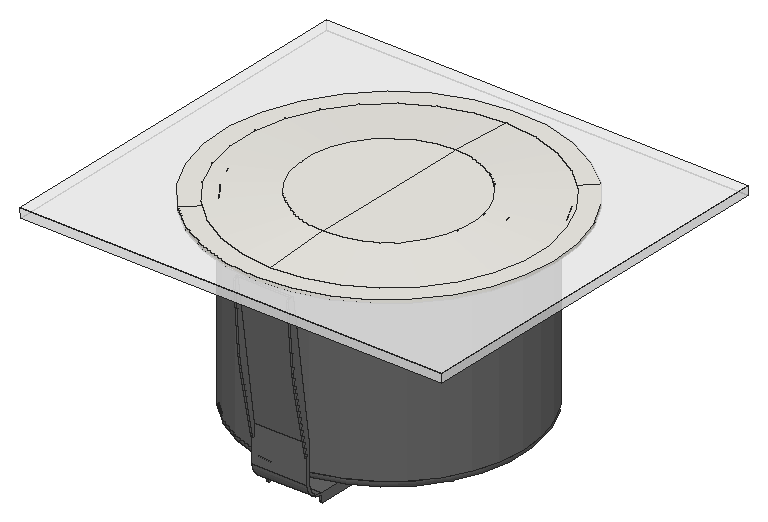
Revit family "PC-1860BS", category Communication Devices, host Face, Revit 2016
Family settings
  Host = Face
  Maintain Annotation Orientation = No
  Part Type = Normal
  Round Connector Dimension = Use Diameter
  OmniClass Number = 23.85.10.11.14
  OmniClass Title = Audio Equipment
  Cut with Voids When Loaded = Yes
  Shared = No
  Room Calculation Point = No
Parameters (values of type "PC-1860F")
  r1 = Diameter / 2.5  # 72 mm
  Weight = "1 kg (2.2 lb)"
  URL = "http://toa.com.sg"
  Steel - Black = Steel - Black finish
  Speaker Mounting Method = "Spring catch"
  Speaker Component = "12 cm (5\") cone-type"
  Sensitivity = "95 dB (1 W, 1 m) (500 Hz - 5 kHz, pink noise)"
  Rated Input = "6 W (100 V Line), 3 W (70 V Line)"
  Rated Impedance = "100 V line: 1.7 kΩ(6 W), 3.3 kΩ (3 W), 6.7 kΩ (1.5 W), 13 kΩ (0.8 W)\r\n70 V line: 1.7 kΩ(3 W), 3.3 kΩ (1.5 W), 6.7 kΩ (0.8 W), 13 kΩ (0.4 W)"
  Radius = Diameter / 2  # 90 mm
  Operating Temperature = "-10 °C to +50 °C (14 °F to 122 °F)"
  Model Type = "Ceiling Mount Fire Dome Speaker"
  Model By = "BIMLIFE PTE LTD"  # constant formula
  Model = "PC-1860F"
  Mesh = Mesh
  Maximum Sound Pressure Level = "-"
  Manufacturer = "TOA Electronics Pte Ltd"  # constant formula
  Supplier Tel = "+65 6835 9119"  # constant formula
  Supplier Fax = "+65 6835 9559"  # constant formula
  Supplier Address = "491B River Valley Road, #19-03/04 Valley Point Office Tower, Singapore 248373"  # constant formula
  Supplier = "TOA Electronics Pte Ltd"  # constant formula
  Suppiler Email = "http://toa.com.sg"  # constant formula
  Material = OFF-WHITE
  Frequency Response = "170Hz – 20 kHz (peak - 20dB)"
  Finish = "Frame: Steel plate, white (RAL 9016 equivalent), paint\r\nGrille: Steel net, white (RAL 9016 equivalent), paint\r\nFire dome: Steel plate, black, paint"
  Environmental Type = "-"
  Dimensions for fixing Hole = "Mounting hole: ø156 ±3 mm (6.14\" ± 0.12\")\r\nCeiling thickness: 5 - 25 mm (0.2''- 0.98\")"
  Dimension = "ø180 x 5 (exposed section) + 100 (D) mm (7.09\" x 0.2\" + 3.94\")"
  Diameter = 180 mm
  Default Elevation = 0 mm
  DC Blocking Capacitor = "-"
  Coverage Angle = "-"
  Copyright To = "TOA Electronics Pte Ltd"  # constant formula
  Connection = "Push wire connection (Bridging terminal - 2 branch type)"
  Applicable Cable = "Solid wire: 0.5 - 3 mm² (AWG 20 - 12)"
  Accessory = "Rubber grommet ...2, Paper Pattern ...1"
Types (3, lengths in mm): name | Weight | Sensitivity | Rated Impedance | Model | Maximum Sound Pressure Level | Finish | Environmental Type | Dimensions for fixing Hole | Dimension | DC Blocking Capacitor | Coverage Angle | Connection | Applicable Cable
  PC-1860BS | "1.1kg (2.43 lb)" | "95 dB (1 W, 1 m), (500Hz – 5kHz, pink noise) 93 dB (1 W, 1 m), (100Hz – 10kHz, pink noise) 81 dB (1 W, 4 m), (100Hz – 10kHz, pink noise)" | "100 V line: 1.7 kΩ (6 W), 3.3 kΩ (3 W) 6.7 kΩ (1.5 W), 13 kΩ (0.8 W), 70 V line: 1.7 kΩ (3 W), 3.3 kΩ (1.5 W) 6.7 kΩ (0.8 W),13 kΩ (0.4 W)" | "PC-1860BS" | "100 dB (6 W, 1m) (100Hz - 10 kHz, pink noise) 88 dB (6 W, 4 m) (100 Hz - 10 kHz, pink noise)" | "Frame: Steel plate, white (RAL 9016 or equivalent color), paint Grille: Steel net, white (RAL 9016 or equivalent color), paint Fire dome: Steel plate, black, paint" | "A (indoor application)" | "Mounting hole: ø156±3 mm (6.14''±0.12'') Ceiling thickness: 5 - 25mm (0.2'' - 0.98'')" | "ø180 x 5 (exposed section) + 100 (D) mm\r\n (ø7.09\" x 0.2\" + 3.94\")" | "-" | "Horizontal and Vertical: 165' (500 Hz), 175' ( 1 kHz), 165' (2 kHz), 70' (4 kHz) according to EN 54-24" | "2-Steatite connector (3 pole)" | "Solid wire: 0.8 – 6 mm² (AWG 18 – 10)"
  PC-1860BS-C | "1.1kg (2.43 lb)" | "94 dB (1 W, 1 m) (500 Hz - 5 kHz, pink noise)\r\n92 dB (1 W, 1 m) (100 Hz - 10 kHz, pink noise)\r\n80 dB (1 W, 4 m) (100 Hz - 10 kHz, pink noise)" | "100 V line: 1.7 kΩ (6 W), 3.3 kΩ (3 W) 6.7 kΩ (1.5 W), 13 kΩ (0.8 W), 70 V line: 1.7 kΩ (3 W), 3.3 kΩ (1.5 W) 6.7 kΩ (0.8 W),13 kΩ (0.4 W)" | "PC-1860BS-C" | "99 dB (6 W, 1 m) (100 Hz - 10 kHz, pink noise)\r\n87 dB (6 W, 4 m) (100 Hz - 10 kHz, pink noise)" | "Frame: Steel plate, white (RAL 9016 or equivalent color), paint Grille: Steel net, white (RAL 9016 or equivalent color), paint Fire dome: Steel plate, black, paint" | "A (indoor application)" | "Mounting hole: ø156±3 mm (6.14''±0.12'') Ceiling thickness: 5 - 25mm (0.2'' - 0.98'')" | "ø180 x 5 (exposed section) + 100 (D) mm\r\n (ø7.09\" x 0.2\" + 3.94\")" | "1.0 μF" | "Horizontal and Vertical: 165' (500 Hz), 175' ( 1 kHz), 165' (2 kHz), 70' (4 kHz) according to EN 54-24" | "2-Steatite connector (3 pole)" | "Solid wire: 0.8 – 6 mm² (AWG 18 – 10)"
  PC-1860F | "1 kg (2.2 lb)" | "95 dB (1 W, 1 m) (500 Hz - 5 kHz, pink noise)" | "100 V line: 1.7 kΩ(6 W), 3.3 kΩ (3 W), 6.7 kΩ (1.5 W), 13 kΩ (0.8 W)\r\n70 V line: 1.7 kΩ(3 W), 3.3 kΩ (1.5 W), 6.7 kΩ (0.8 W), 13 kΩ (0.4 W)" | "PC-1860F" | "-" | "Frame: Steel plate, white (RAL 9016 equivalent), paint\r\nGrille: Steel net, white (RAL 9016 equivalent), paint\r\nFire dome: Steel plate, black, paint" | "-" | "Mounting hole: ø156 ±3 mm (6.14\" ± 0.12\")\r\nCeiling thickness: 5 - 25 mm (0.2''- 0.98\")" | "ø180 x 5 (exposed section) + 100 (D) mm (7.09\" x 0.2\" + 3.94\")" | "-" | "-" | "Push wire connection (Bridging terminal - 2 branch type)" | "Solid wire: 0.5 - 3 mm² (AWG 20 - 12)"
Reference planes
  plane 1 "Center (Front/Back)": y = 0
  plane 2: z = 0
  plane 3 "Center (Left/Right)": x = 0
  plane 4: z = -109
  plane 5: z = -100
Forms (mm)
  Extrusion 1, solid, material "Surface"
    sketch origin (1.238, -13.929, 0) x (1, 0, 0) y (0, 1, 0)
      loop
        line (-118.152, 118.085) -> (-118.152, -89.567) -> (110.005, -89.567) -> (110.005, 118.085) -> (-118.152, 118.085)
    from 0 to -5
  Extrusion 2, solid, material "OFF-WHITE" <- "Material"
    sketch origin (-37.074, 0.305, -12.693) x (0.707107, -0.707107, 0) y (0.707107, 0.707107, 0)
      loop
        circle (26.431, 26) r 47
      loop
        arc (34.462, 80.411) -> (32.322, 81.544) -> (31.131, 83.653) r 4.31
        spline (31.131, 83.653) -> (30.933, 84.382) -> (30.688, 85.076) -> (30.399, 85.728) -> (30.07, 86.331) -> (29.702, 86.879) -> (29.3, 87.365) -> (28.869, 87.786) -> (28.412, 88.136) -> (27.935, 88.413) -> (27.443, 88.612) -> (26.939, 88.733) -> (26.431, 88.773)
        spline (26.431, 88.773) -> (25.922, 88.733) -> (25.419, 88.612) -> (24.926, 88.413) -> (24.449, 88.136) -> (23.993, 87.786) -> (23.561, 87.365) -> (23.16, 86.879) -> (22.792, 86.331) -> (22.462, 85.728) -> (22.173, 85.076) -> (21.929, 84.382) -> (21.731, 83.653)
        arc (21.731, 83.653) -> (20.54, 81.544) -> (18.4, 80.411) r 4.31
        arc (18.4, 80.411) -> (-12.46, 64.891) -> (-27.98, 34.031) r 55
        arc (-27.98, 34.031) -> (-29.113, 31.891) -> (-31.222, 30.7) r 4.31
        spline (-31.222, 30.7) -> (-31.951, 30.502) -> (-32.645, 30.257) -> (-33.297, 29.969) -> (-33.9, 29.639) -> (-34.448, 29.271) -> (-34.935, 28.87) -> (-35.355, 28.438) -> (-35.706, 27.982) -> (-35.982, 27.504) -> (-36.181, 27.012) -> (-36.302, 26.509) -> (-36.342, 26)
        spline (-36.342, 26) -> (-36.302, 25.491) -> (-36.181, 24.988) -> (-35.982, 24.496) -> (-35.706, 24.018) -> (-35.355, 23.562) -> (-34.935, 23.13) -> (-34.448, 22.729) -> (-33.9, 22.361) -> (-33.297, 22.031) -> (-32.645, 21.743) -> (-31.951, 21.498) -> (-31.222, 21.3)
        arc (-31.222, 21.3) -> (-29.113, 20.109) -> (-27.98, 17.969) r 4.31
        arc (-27.98, 17.969) -> (-12.46, -12.891) -> (18.4, -28.411) r 55
        arc (18.4, -28.411) -> (20.54, -29.544) -> (21.731, -31.653) r 4.31
        spline (21.731, -31.653) -> (21.929, -32.382) -> (22.173, -33.076) -> (22.462, -33.728) -> (22.792, -34.331) -> (23.16, -34.879) -> (23.561, -35.365) -> (23.993, -35.786) -> (24.449, -36.136) -> (24.926, -36.413) -> (25.419, -36.612) -> (25.922, -36.733) -> (26.431, -36.773)
        spline (26.431, -36.773) -> (26.939, -36.733) -> (27.443, -36.612) -> (27.935, -36.413) -> (28.412, -36.136) -> (28.869, -35.786) -> (29.3, -35.365) -> (29.702, -34.879) -> (30.07, -34.331) -> (30.399, -33.728) -> (30.688, -33.076) -> (30.933, -32.382) -> (31.131, -31.653)
        arc (31.131, -31.653) -> (32.322, -29.544) -> (34.462, -28.411) r 4.31
        arc (34.462, -28.411) -> (65.322, -12.891) -> (80.841, 17.969) r 55
        arc (80.841, 17.969) -> (81.975, 20.109) -> (84.083, 21.3) r 4.31
        spline (84.083, 21.3) -> (84.813, 21.498) -> (85.507, 21.743) -> (86.159, 22.031) -> (86.762, 22.361) -> (87.31, 22.729) -> (87.796, 23.13) -> (88.217, 23.562) -> (88.567, 24.018) -> (88.844, 24.496) -> (89.043, 24.988) -> (89.164, 25.491) -> (89.204, 26)
        spline (89.204, 26) -> (89.164, 26.509) -> (89.043, 27.012) -> (88.844, 27.504) -> (88.567, 27.982) -> (88.217, 28.438) -> (87.796, 28.87) -> (87.31, 29.271) -> (86.762, 29.639) -> (86.159, 29.969) -> (85.507, 30.257) -> (84.813, 30.502) -> (84.083, 30.7)
        arc (84.083, 30.7) -> (81.975, 31.891) -> (80.841, 34.031) r 4.31
        arc (80.841, 34.031) -> (65.322, 64.891) -> (34.462, 80.411) r 55
    from 4 to 2
  Extrusion 3, solid, not visible
    sketch origin (43, 0, 0) x (0, -1, 0) y (0, 0, 1)
      loop
        line (-11, -15.693) -> (-11, -25.693) -> (12, -25.693) -> (12, -15.693) -> (-11, -15.693)
      loop
        circle (5.25, -20.693) r 2.5
      loop
        circle (0.5, -23.193) r 1.5
      loop
        circle (10, -23.193) r 1.5
      loop
        circle (0.5, -18.193) r 1.5
      loop
        circle (10, -18.193) r 1.5
      loop
        circle (-4.25, -20.693) r 2.5
      loop
        circle (-9, -23.193) r 1.5
      loop
        circle (-9, -18.193) r 1.5
    from -6 to -8.973
  Extrusion 4, solid, not visible
    sketch origin (43, 0, 0) x (0, -1, 0) y (0, 0, 1)
      loop
        line (-11, -15.693) -> (-11, -25.693) -> (12, -25.693) -> (12, -15.693) -> (-11, -15.693)
    from 0 to -6
  Revolve 5, solid, material "Steel - Black finish" <- "Steel - Black"
    sketch origin (0, 0, 0) x (0, 1, 0) y (0, 0, 1)
      loop
        line (73, 0) -> (78, 0) -> (78, 0.803) -> (72.207, 0.803) -> (72.2, -96)
        arc (72.2, -96) -> (71.312, -98.212) -> (69.141, -99.197) r 3.2
        line (69.141, -99.197) -> (0, -99.197) -> (0, -100) -> (69, -100)
        arc (69, -100) -> (71.828, -98.828) -> (73, -96) r 4
        line (73, -96) -> (73, 0)
      axis (0, 0.803) -> (0, -100)
    angle from 0 to 360
  Extrusion 6, solid, material "Steel - Black finish" <- "Steel - Black"
    sketch origin (0, 0, 0) x (0, 1, 0) y (0, 0, 1)
      loop
        arc (64.2, -110) -> (70.771, -107.538) -> (74.106, -101.365) r 10
        line (74.106, -101.365) -> (74.106, -80.755) -> (85.12, -5) -> (84.11, -5) -> (73.106, -80.683) -> (73.106, -101.295)
        arc (73.106, -101.295) -> (70.088, -106.806) -> (64.2, -109) r 9
        line (64.2, -109) -> (0, -109) -> (-64.2, -109)
        arc (-64.2, -109) -> (-70.088, -106.806) -> (-73.106, -101.295) r 9
        line (-73.106, -101.295) -> (-73.106, -80.683) -> (-84.11, -5) -> (-85.12, -5) -> (-74.106, -80.755) -> (-74.106, -101.365)
        arc (-74.106, -101.365) -> (-70.771, -107.538) -> (-64.2, -110) r 10
        line (-64.2, -110) -> (0, -110) -> (64.2, -110)
    from -15 to 15
  Revolve 7, solid, material "Steel - Black finish" <- "Steel - Black"
    sketch origin (0, 0, 8.197) x (0, 1, 0) y (0, 0, 1)
      loop
        line (0, -123) -> (0, -98) -> (-1, -98) -> (-1, -123) -> (0, -123)
      axis (0, -98) -> (0, -123)
    angle from 0 to 360
  Extrusion 8, solid, material "Steel - Black finish" <- "Steel - Black"
    sketch origin (0, 69.484, -111) x (0, 1, 0) y (-1, 0, 0)
      loop
        line (-67.424, -1.189) -> (-67.424, 1.189) -> (-69.484, 2.378) -> (-71.544, 1.189) -> (-71.544, -1.189) -> (-69.484, -2.378) -> (-67.424, -1.189)
    from 0 to 1
  Extrusion 9, solid, material "Steel - Black finish" <- "Steel - Black"
    sketch origin (0, 69.484, -101) x (0, 1, 0) y (-1, 0, 0)
      loop
        line (-67.424, -1.189) -> (-67.424, 1.189) -> (-69.484, 2.378) -> (-71.544, 1.189) -> (-71.544, -1.189) -> (-69.484, -2.378) -> (-67.424, -1.189)
    from 0 to 1
  Extrusion 10, solid, material "Steel - Black finish" <- "Steel - Black"
    sketch origin (0, 0, 11) x (0, 1, 0) y (0, 0, 1)
      loop
        arc (63.2, -125) -> (63.907, -124.707) -> (64.2, -124) r 1
        line (64.2, -124) -> (64.2, -121) -> (-64.2, -121) -> (-64.2, -124)
        arc (-64.2, -124) -> (-63.907, -124.707) -> (-63.2, -125) r 1
        line (-63.2, -125) -> (63.2, -125)
    from 14 to 15
  Extrusion 11, solid, material "Steel - Black finish" <- "Steel - Black"
    sketch origin (0, -166.892, 12.189) x (0, -1, 0) y (0, 0, -1)
      loop
        arc (-81.103, 18.176) -> (-80.63, 18.447) -> (-80.473, 18.969) r 0.739
        line (-80.473, 18.969) -> (-83.548, 55.505)
        arc (-83.548, 55.505) -> (-84.008, 59.523) -> (-84.711, 63.505) r 66.945
        line (-84.711, 63.505) -> (-92.163, 99.387)
        arc (-92.163, 99.387) -> (-92.471, 99.853) -> (-93.014, 99.982) r 0.758
        line (-93.014, 99.982) -> (-93.793, 99.869) -> (-81.899, 18.06) -> (-81.103, 18.176)
    from 14 to 15
  Extrusion 12, solid, material "Steel - Black finish" <- "Steel - Black"
    sketch origin (0, 0, 11) x (0, 1, 0) y (0, 0, -1)
      loop
        line (63.2, 125) -> (-63.2, 125)
        arc (-63.2, 125) -> (-63.907, 124.707) -> (-64.2, 124) r 1
        line (-64.2, 124) -> (-64.2, 121) -> (64.2, 121) -> (64.2, 124)
        arc (64.2, 124) -> (63.907, 124.707) -> (63.2, 125) r 1
    from 14 to 15
  Extrusion 13, solid, material "Steel - Black finish" <- "Steel - Black"
    sketch origin (0, -166.892, 12.189) x (0, -1, 0) y (0, 0, 1)
      loop
        line (-81.103, -18.176) -> (-81.899, -18.06) -> (-93.793, -99.869) -> (-93.014, -99.982)
        arc (-93.014, -99.982) -> (-92.471, -99.853) -> (-92.163, -99.387) r 0.758
        line (-92.163, -99.387) -> (-84.711, -63.505)
        arc (-84.711, -63.505) -> (-84.008, -59.523) -> (-83.548, -55.505) r 66.945
        line (-83.548, -55.505) -> (-80.473, -18.969)
        arc (-80.473, -18.969) -> (-80.63, -18.447) -> (-81.103, -18.176) r 0.739
    from 14 to 15
  Revolve 14, solid, material "OFF-WHITE" <- "Material"
    sketch origin (0, 0, 0) x (0.707107, 0.707107, 0) y (0, 0, 1)
      loop
        line (0, 1.8) -> (-90, 1.8) -> (-90, 0) -> (-53, 0)
        spline (-53, 0) -> (-50.088, -4.89) -> (-47.461, -8.624) -> (-45.056, -11.448) -> (-42.812, -13.607) -> (-40.666, -15.344) -> (-38.58, -16.857) -> (-36.56, -18.257) -> (-34.614, -19.652) -> (-32.753, -21.147) -> (-31.052, -22.924) -> (-29.725, -25.322) -> (-29, -28.696)
        line (-29, -28.696) -> (-29, -30.693) -> (0, -30.693) -> (0, 1.8)
      axis (0, 1.8) -> (0, -30.693)
    angle from 0 to 360
  Revolve 15, solid, material "Mesh" <- "Mesh"
    sketch origin (0, 0, 0) x (0, 1, 0) y (0, 0, 1)
      loop
        line (0, 1.8) -> (0, 4.2) -> (-45, 4.2)
        arc (-45, 4.2) -> (-62.541, 3.599) -> (-80, 1.8) r 256.408
        line (-80, 1.8) -> (0, 1.8)
      axis (0, 4.2) -> (0, 1.8)
    angle from 0 to 360
  Extrusion 16, solid, material "OFF-WHITE" <- "Material"
    sketch origin (-37.074, 0.305, -12.693) x (0.707107, -0.707107, 0) y (0.707107, 0.707107, 0)
      loop
        circle (26.431, 26) r 47
      loop
        arc (34.462, 80.411) -> (32.322, 81.544) -> (31.131, 83.653) r 4.31
        spline (31.131, 83.653) -> (30.933, 84.382) -> (30.688, 85.076) -> (30.399, 85.728) -> (30.07, 86.331) -> (29.702, 86.879) -> (29.3, 87.365) -> (28.869, 87.786) -> (28.412, 88.136) -> (27.935, 88.413) -> (27.443, 88.612) -> (26.939, 88.733) -> (26.431, 88.773)
        spline (26.431, 88.773) -> (25.922, 88.733) -> (25.419, 88.612) -> (24.926, 88.413) -> (24.449, 88.136) -> (23.993, 87.786) -> (23.561, 87.365) -> (23.16, 86.879) -> (22.792, 86.331) -> (22.462, 85.728) -> (22.173, 85.076) -> (21.929, 84.382) -> (21.731, 83.653)
        arc (21.731, 83.653) -> (20.54, 81.544) -> (18.4, 80.411) r 4.31
        arc (18.4, 80.411) -> (-12.46, 64.891) -> (-27.98, 34.031) r 55
        arc (-27.98, 34.031) -> (-29.113, 31.891) -> (-31.222, 30.7) r 4.31
        spline (-31.222, 30.7) -> (-31.951, 30.502) -> (-32.645, 30.257) -> (-33.297, 29.969) -> (-33.9, 29.639) -> (-34.448, 29.271) -> (-34.935, 28.87) -> (-35.355, 28.438) -> (-35.706, 27.982) -> (-35.982, 27.504) -> (-36.181, 27.012) -> (-36.302, 26.509) -> (-36.342, 26)
        spline (-36.342, 26) -> (-36.302, 25.491) -> (-36.181, 24.988) -> (-35.982, 24.496) -> (-35.706, 24.018) -> (-35.355, 23.562) -> (-34.935, 23.13) -> (-34.448, 22.729) -> (-33.9, 22.361) -> (-33.297, 22.031) -> (-32.645, 21.743) -> (-31.951, 21.498) -> (-31.222, 21.3)
        arc (-31.222, 21.3) -> (-29.113, 20.109) -> (-27.98, 17.969) r 4.31
        arc (-27.98, 17.969) -> (-12.46, -12.891) -> (18.4, -28.411) r 55
        arc (18.4, -28.411) -> (20.54, -29.544) -> (21.731, -31.653) r 4.31
        spline (21.731, -31.653) -> (21.929, -32.382) -> (22.173, -33.076) -> (22.462, -33.728) -> (22.792, -34.331) -> (23.16, -34.879) -> (23.561, -35.365) -> (23.993, -35.786) -> (24.449, -36.136) -> (24.926, -36.413) -> (25.419, -36.612) -> (25.922, -36.733) -> (26.431, -36.773)
        spline (26.431, -36.773) -> (26.939, -36.733) -> (27.443, -36.612) -> (27.935, -36.413) -> (28.412, -36.136) -> (28.869, -35.786) -> (29.3, -35.365) -> (29.702, -34.879) -> (30.07, -34.331) -> (30.399, -33.728) -> (30.688, -33.076) -> (30.933, -32.382) -> (31.131, -31.653)
        arc (31.131, -31.653) -> (32.322, -29.544) -> (34.462, -28.411) r 4.31
        arc (34.462, -28.411) -> (65.322, -12.891) -> (80.841, 17.969) r 55
        arc (80.841, 17.969) -> (81.975, 20.109) -> (84.083, 21.3) r 4.31
        spline (84.083, 21.3) -> (84.813, 21.498) -> (85.507, 21.743) -> (86.159, 22.031) -> (86.762, 22.361) -> (87.31, 22.729) -> (87.796, 23.13) -> (88.217, 23.562) -> (88.567, 24.018) -> (88.844, 24.496) -> (89.043, 24.988) -> (89.164, 25.491) -> (89.204, 26)
        spline (89.204, 26) -> (89.164, 26.509) -> (89.043, 27.012) -> (88.844, 27.504) -> (88.567, 27.982) -> (88.217, 28.438) -> (87.796, 28.87) -> (87.31, 29.271) -> (86.762, 29.639) -> (86.159, 29.969) -> (85.507, 30.257) -> (84.813, 30.502) -> (84.083, 30.7)
        arc (84.083, 30.7) -> (81.975, 31.891) -> (80.841, 34.031) r 4.31
        arc (80.841, 34.031) -> (65.322, 64.891) -> (34.462, 80.411) r 55
    from 4 to 2
  Revolve 17, solid, material "OFF-WHITE" <- "Material"
    sketch origin (0, 0, 0) x (0.707107, 0.707107, 0) y (0, 0, 1)
      loop
        line (0, -40) -> (0, -39) -> (-29, -39) -> (-29, -28.696)
        spline (-29, -28.696) -> (-29.725, -25.322) -> (-31.052, -22.924) -> (-32.753, -21.147) -> (-34.614, -19.652) -> (-36.56, -18.257) -> (-38.58, -16.857) -> (-40.666, -15.344) -> (-42.812, -13.607) -> (-45.056, -11.448) -> (-47.461, -8.624) -> (-50.088, -4.89) -> (-53, 0)
        line (-53, 0) -> (-55, 0)
        spline (-55, 0) -> (-52.064, -4.067) -> (-49.419, -7.466) -> (-46.984, -10.303) -> (-44.681, -12.685) -> (-42.432, -14.717) -> (-40.157, -16.506) -> (-37.781, -18.159) -> (-35.371, -19.796) -> (-33.153, -21.552) -> (-31.361, -23.562) -> (-30.232, -25.964) -> (-30, -28.892)
        line (-30, -28.892) -> (-30, -29.892) -> (-31.463, -29.892) -> (-31.463, -39) -> (-30, -39) -> (-30, -40) -> (0, -40)
      axis (0, 0) -> (0, -40)
    angle from 0 to 360
  Extrusion 18, void
    sketch origin (0, 0, 0) x (0, -1, 0) y (1, 0, 0)
      loop
        arc (10.175, -33.488) -> (0, -35) -> (-10.175, -33.488) r 35
        arc (-10.175, -33.488) -> (-11.651, -33.613) -> (-12.636, -34.718) r 2
        line (-12.636, -34.718) -> (-15.718, -43.185)
        arc (-15.718, -43.185) -> (-15.632, -44.753) -> (-14.44, -45.776) r 2
        arc (-14.44, -45.776) -> (0, -48) -> (14.44, -45.776) r 48
        arc (14.44, -45.776) -> (15.632, -44.753) -> (15.718, -43.185) r 2
        line (15.718, -43.185) -> (12.636, -34.718)
        arc (12.636, -34.718) -> (11.651, -33.613) -> (10.175, -33.488) r 2
      loop
        arc (10.175, 33.488) -> (11.651, 33.613) -> (12.636, 34.718) r 2
        line (12.636, 34.718) -> (15.718, 43.185)
        arc (15.718, 43.185) -> (15.632, 44.753) -> (14.44, 45.776) r 2
        arc (14.44, 45.776) -> (0, 48) -> (-14.44, 45.776) r 48
        arc (-14.44, 45.776) -> (-15.632, 44.753) -> (-15.718, 43.185) r 2
        line (-15.718, 43.185) -> (-12.636, 34.718)
        arc (-12.636, 34.718) -> (-11.651, 33.613) -> (-10.175, 33.488) r 2
        arc (-10.175, 33.488) -> (0, 35) -> (10.175, 33.488) r 35
    from -28.491 to -5.706
  Extrusion 19, void
    sketch origin (0, 0, 0) x (-1, 0, 0) y (0, -1, 0)
      loop
        arc (10.175, -33.488) -> (0, -35) -> (-10.175, -33.488) r 35
        arc (-10.175, -33.488) -> (-11.651, -33.613) -> (-12.636, -34.718) r 2
        line (-12.636, -34.718) -> (-15.718, -43.185)
        arc (-15.718, -43.185) -> (-15.632, -44.753) -> (-14.44, -45.776) r 2
        arc (-14.44, -45.776) -> (0, -48) -> (14.44, -45.776) r 48
        arc (14.44, -45.776) -> (15.632, -44.753) -> (15.718, -43.185) r 2
        line (15.718, -43.185) -> (12.636, -34.718)
        arc (12.636, -34.718) -> (11.651, -33.613) -> (10.175, -33.488) r 2
    from -28.491 to -5.706
  Extrusion 20, void
    sketch origin (0, 0, 0) x (-1, 0, 0) y (0, -1, 0)
      loop
        arc (10.175, 33.488) -> (11.651, 33.613) -> (12.636, 34.718) r 2
        line (12.636, 34.718) -> (15.718, 43.185)
        arc (15.718, 43.185) -> (15.632, 44.753) -> (14.44, 45.776) r 2
        arc (14.44, 45.776) -> (0, 48) -> (-14.44, 45.776) r 48
        arc (-14.44, 45.776) -> (-15.632, 44.753) -> (-15.718, 43.185) r 2
        line (-15.718, 43.185) -> (-12.636, 34.718)
        arc (-12.636, 34.718) -> (-11.651, 33.613) -> (-10.175, 33.488) r 2
        arc (-10.175, 33.488) -> (0, 35) -> (10.175, 33.488) r 35
    from -28.491 to -5.706
  Extrusion 21, solid, material "OFF-WHITE" <- "Material"
    sketch origin (0, 0, 0) x (0, 1, 0) y (0, 0, 1)
      loop
        line (-22, -15.693) -> (22, -15.693) -> (22, -10.693) -> (21, -10.693) -> (21, -14.645) -> (-21, -14.645) -> (-21, -10.693) -> (-22, -10.693) -> (-22, -15.693)
    from 43 to 49
  Extrusion 22, solid, material "OFF-WHITE" <- "Material"
    sketch origin (42.677, 11, -16.419) x (0.407143, 0, 0.913365) y (0.913365, 0, -0.407143)
      loop
        line (-9.206, 6) -> (-9.206, 0) -> (0.794, 0) -> (0.794, 6) -> (-9.206, 6)
    from 0 to -23
  Extrusion 23, solid, material "OFF-WHITE" <- "Material"
    sketch origin (44.409, 11, -27.27) x (0.407143, 0, 0.913365) y (0, -1, 0)
      loop
        line (0, 23) -> (0, 0) -> (10, 0) -> (10, 23) -> (0, 23)
      loop
        circle (7.5, 11.5) r 1.5
      loop
        circle (5, 16) r 2.597
      loop
        circle (7.5, 20.5) r 1.5
      loop
        circle (2.5, 11.5) r 1.5
      loop
        circle (2.5, 20.5) r 1.5
      loop
        circle (5, 7) r 2.597
      loop
        circle (7.5, 2.5) r 1.5
      loop
        circle (2.5, 2.5) r 1.5
    from 0 to 3
  Extrusion 24, solid, material "OFF-WHITE" <- "Material"
    sketch origin (0, 0, 0) x (0, -1, 0) y (0, 0, 1)
      loop
        line (-22, -15.693) -> (22, -15.693) -> (22, -10.693) -> (21, -10.693) -> (21, -14.645) -> (-21, -14.645) -> (-21, -10.693) -> (-22, -10.693) -> (-22, -15.693)
    from 43 to 49
  Extrusion 25, solid, material "OFF-WHITE" <- "Material"
    sketch origin (0, 23.5, -15.693) x (-1, 0, 0) y (0, 1, 0)
      loop
        line (43, -30.018) -> (44.5, -30.018) -> (44.5, -33.5) -> (50.181, -33.5) -> (50.181, -28.5) -> (55.026, -28.5) -> (55.026, -18.5) -> (50.181, -18.5) -> (50.181, -13.5) -> (44.5, -13.5) -> (44.5, -16.982) -> (43, -16.982) -> (43, -30.018)
    from 0 to 15
  Extrusion 26, solid, material "Steel - Black finish" <- "Steel - Black"
    sketch origin (0, 166.892, 12.189) x (0, 1, 0) y (0, 0, 1)
      loop
        line (-81.103, -18.176) -> (-81.899, -18.06) -> (-93.793, -99.869) -> (-93.014, -99.982)
        arc (-93.014, -99.982) -> (-92.471, -99.853) -> (-92.163, -99.387) r 0.758
        line (-92.163, -99.387) -> (-84.711, -63.505)
        arc (-84.711, -63.505) -> (-84.008, -59.523) -> (-83.548, -55.505) r 66.945
        line (-83.548, -55.505) -> (-80.473, -18.969)
        arc (-80.473, -18.969) -> (-80.63, -18.447) -> (-81.103, -18.176) r 0.739
    from 14 to 15
  Extrusion 27, solid, material "Steel - Black finish" <- "Steel - Black"
    sketch origin (0, 166.892, 12.189) x (0, 1, 0) y (0, 0, -1)
      loop
        arc (-81.103, 18.176) -> (-80.63, 18.447) -> (-80.473, 18.969) r 0.739
        line (-80.473, 18.969) -> (-83.548, 55.505)
        arc (-83.548, 55.505) -> (-84.008, 59.523) -> (-84.711, 63.505) r 66.945
        line (-84.711, 63.505) -> (-92.163, 99.387)
        arc (-92.163, 99.387) -> (-92.471, 99.853) -> (-93.014, 99.982) r 0.758
        line (-93.014, 99.982) -> (-93.793, 99.869) -> (-81.899, 18.06) -> (-81.103, 18.176)
    from 14 to 15
Cuts and joins
  joined: Extrusion 6, Revolve 7, Extrusion 10, Extrusion 11, Extrusion 12, Extrusion 13
  Extrusion 18, Extrusion 19, Extrusion 20 cuts Revolve 17
Dimensions and locks
  level to plane 4 = 109 mm
  aligned and locked: plane 2 to Extrusion 1
  aligned and locked: level to Extrusion 1
